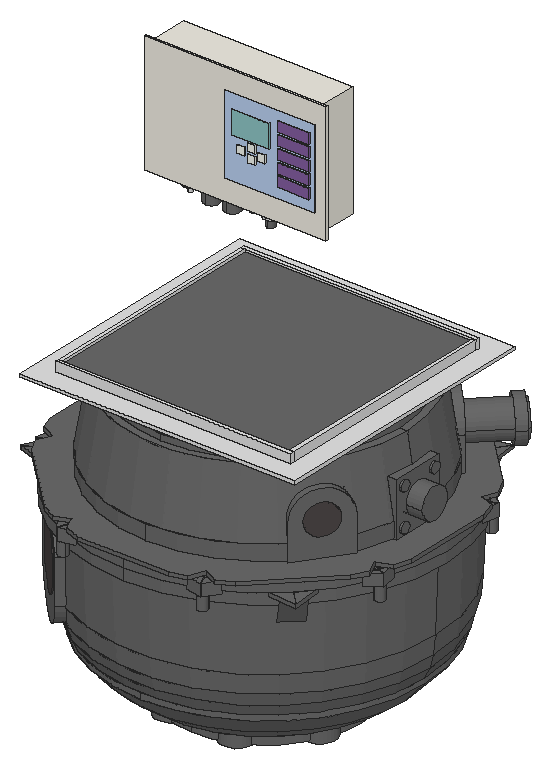
Revit family "281230s (200)", category Generic Models, Revit 2021 (continued)
Definition of nested family "281230s (200)_part2_X0Y0"
  Definition of nested family "281230s (200)_part2_content"
    Forms (mm)
      Extrusion 16, solid, detail levels medium+fine
        sketch origin (-190, -190, 461) x (0, 1, 0) y (0, 0, 1)
          loop
            line (0, 7.5) -> (0, 0) -> (380, 0) -> (380, 7.5) -> (0, 7.5)
        from 0 to 380
      Extrusion 17, solid, detail levels medium+fine
        sketch origin (0, 0, 461) x (0, 1, 0) y (-1, 0, 0)
          loop
            circle (0, 0) r 208.5
        from 0 to 7.5
      Extrusion 18, solid, detail levels medium+fine
        sketch origin (-222, -222, 468.5) x (0, 1, 0) y (0, 0, 1)
          loop
            line (0, 5) -> (0, 0) -> (444, 0) -> (444, 5) -> (0, 5)
        from 0 to 444
      Extrusion 19, solid, detail levels medium+fine
        sketch origin (-184, -184, 473.5) x (0, 1, 0) y (0, 0, 1)
          loop
            line (0, 12) -> (0, 0) -> (368, 0) -> (368, 12) -> (0, 12)
        from 0 to 368
      Extrusion 20, solid, detail levels medium+fine
        sketch origin (0, 60, 320) x (0, -1, 0) y (0, 0, 1)
          loop
            line (0, 50) -> (0, 0) -> (120, 0) -> (120, 50) -> (0, 50)
        from 0 to 245.5
      Extrusion 21, solid, detail levels medium+fine
        sketch origin (0, 0, 370) x (0, -1, 0) y (0, 0, 1)
          loop
            circle (0, 0) r 60
        from 0 to 245.5
      Extrusion 22, solid, detail levels medium+fine
        sketch origin (-244, 0, 370) x (0, -1, 0) y (0, 0, 1)
          loop
            circle (0, 0) r 35.1
        from 0 to 1.75
      Extrusion 23, solid, detail levels medium+fine
        sketch origin (31.82, -31.82, 320) x (-0.707107, 0.707107, 0) y (0, 0, 1)
          loop
            line (0, 55.25) -> (0, 0) -> (90, 0) -> (90, 55.25) -> (0, 55.25)
        from 0 to 245.5
      Extrusion 24, solid, detail levels medium+fine
        sketch origin (0, 0, 375.25) x (-0.707107, 0.707107, 0) y (0, 0, 1)
          loop
            circle (0, 0) r 45
        from 0 to 245.5
      Extrusion 25, solid, detail levels medium+fine
        sketch origin (0, 0, 370) x (-0.707107, 0.707107, 0) y (0, 0, 1)
          loop
            circle (0, 0) r 27.7
        from 0 to 311.36
      Extrusion 26, solid, detail levels medium+fine
        sketch origin (0, 27.5, 332.75) x (0, 1, 0) y (0, 0, 1)
          loop
            circle (0, 0) r 8
        from 0 to 250
      Extrusion 27, solid, detail levels medium+fine
        sketch origin (0, -46.25, 320) x (0, 1, 0) y (0, 0, 1)
          loop
            line (0, 86.5) -> (0, 0) -> (86.5, 0) -> (86.5, 86.5) -> (0, 86.5)
        from 0 to 245.5
      Extrusion 28, solid, detail levels medium+fine
        sketch origin (0, -3, 363.25) x (0, 1, 0) y (0, 0, 1)
          loop
            circle (0, 0) r 24.75
        from 0 to 272.5
      Extrusion 29, solid, detail levels medium+fine
        sketch origin (0, 27.5, 393.75) x (0, 1, 0) y (0, 0, 1)
          loop
            circle (0, 0) r 8
        from 0 to 250
      Extrusion 30, solid, detail levels medium+fine
        sketch origin (0, -33.5, 332.75) x (0, 1, 0) y (0, 0, 1)
          loop
            circle (0, 0) r 8
        from 0 to 250
      Extrusion 31, solid, detail levels medium+fine
        sketch origin (0, -33.5, 393.75) x (0, 1, 0) y (0, 0, 1)
          loop
            circle (0, 0) r 8
        from 0 to 250
      Extrusion 32, solid, detail levels medium+fine
        sketch origin (-25.811, -36.862, 320) x (0.573577, 0.819152, 0) y (0, 0, 1)
          loop
            line (0, 55.25) -> (0, 0) -> (90, 0) -> (90, 55.25)
            arc (90, 55.25) -> (45, 100.25) -> (0, 55.25) r 45
        from 0 to 245.5
      Extrusion 33, solid, detail levels medium+fine
        sketch origin (199.873, -139.953, 375.25) x (0.573577, 0.819152, 0) y (0, 0, 1)
          loop
            circle (0, 0) r 25
        from 0 to 1.75
      Extrusion 34, solid, detail levels medium+fine
        sketch origin (-53.002, 127.957, 0) x (-0.92388, -0.382683, 0) y (0.382683, -0.92388, 0)
          loop
            circle (0, 0) r 25
        from 0 to 28.5
      Extrusion 35, solid, detail levels medium+fine
        sketch origin (-127.957, -53.002, 0) x (0.382683, -0.92388, 0) y (0.92388, 0.382683, 0)
          loop
            circle (0, 0) r 25
        from 0 to 28.5
      Extrusion 36, solid, detail levels medium+fine
        sketch origin (53.002, -127.957, 0) x (0.92388, 0.382683, 0) y (-0.382683, 0.92388, 0)
          loop
            circle (0, 0) r 25
        from 0 to 28.5
      Extrusion 37, solid, detail levels medium+fine
        sketch origin (53.002, 127.957, 0) x (-0.923879, 0.382684, 0) y (-0.382684, -0.923879, 0)
          loop
            circle (0, 0) r 25
        from 0 to 28.5
      Extrusion 38, solid, detail levels medium+fine
        sketch origin (-127.957, 53.002, 0) x (-0.382684, -0.923879, 0) y (0.923879, -0.382684, 0)
          loop
            circle (0, 0) r 25
        from 0 to 28.5
      Extrusion 39, solid, detail levels medium+fine
        sketch origin (-53.002, -127.957, 0) x (0.923879, -0.382684, 0) y (0.382684, 0.923879, 0)
          loop
            circle (0, 0) r 25
        from 0 to 28.5
      Extrusion 40, solid, detail levels medium+fine
        sketch origin (127.957, -53.002, 0) x (0.382684, 0.923879, 0) y (-0.923879, 0.382684, 0)
          loop
            circle (0, 0) r 25
        from 0 to 28.5
      Extrusion 41, solid, detail levels medium+fine
        sketch origin (127.957, 53.002, 0) x (-0.382683, 0.92388, 0) y (-0.92388, -0.382683, 0)
          loop
            circle (0, 0) r 25
        from 0 to 28.5
      Extrusion 42, solid, detail levels medium+fine
        sketch origin (0, 0, 209) x (0, -1, 0) y (0, 0, 1)
          loop
            line (-72.693, 35.337) -> (-68.918, -37.767)
            arc (-68.918, -37.767) -> (-63.198, -56.139) -> (-50.593, -70.678) r 46.983
            line (-50.593, -70.678) -> (-49.193, -71.697)
            arc (-49.193, -71.697) -> (-25.794, -83.147) -> (0, -86.788) r 83.079
            arc (0, -86.788) -> (25.794, -83.147) -> (49.193, -71.697) r 83.079
            line (49.193, -71.697) -> (50.593, -70.678)
            arc (50.593, -70.678) -> (63.198, -56.139) -> (68.918, -37.767) r 46.983
            line (68.918, -37.767) -> (72.693, 35.337)
            arc (72.693, 35.337) -> (71.616, 38.805) -> (69.783, 41.939) r 15.989
            arc (69.783, 41.939) -> (60.032, 51.336) -> (48.652, 58.679) r 69.984
            line (48.652, 58.679) -> (47.252, 59.417)
            arc (47.252, 59.417) -> (24.369, 68.322) -> (0, 71.344) r 99.373
            arc (0, 71.344) -> (-24.369, 68.322) -> (-47.252, 59.417) r 99.373
            line (-47.252, 59.417) -> (-48.652, 58.679)
            arc (-48.652, 58.679) -> (-60.032, 51.336) -> (-69.783, 41.939) r 69.984
            arc (-69.783, 41.939) -> (-71.616, 38.805) -> (-72.693, 35.337) r 15.989
        from 0 to 277.5
      Extrusion 43, solid, detail levels medium+fine
        sketch origin (0, 0, 209) x (0, -1, 0) y (0, 0, 1)
          loop
            circle (0, 0) r 55
        from 0 to 326
      Extrusion 44, solid, detail levels medium+fine
        sketch origin (0, 0, 209) x (0.707107, -0.707107, 0) y (0, 0, 1)
          loop
            line (-72.693, 35.337) -> (-68.918, -37.767)
            arc (-68.918, -37.767) -> (-63.198, -56.139) -> (-50.593, -70.678) r 46.983
            line (-50.593, -70.678) -> (-49.193, -71.697)
            arc (-49.193, -71.697) -> (-25.794, -83.147) -> (0, -86.788) r 83.079
            arc (0, -86.788) -> (25.794, -83.147) -> (49.193, -71.697) r 83.079
            line (49.193, -71.697) -> (50.593, -70.678)
            arc (50.593, -70.678) -> (63.198, -56.139) -> (68.918, -37.767) r 46.983
            line (68.918, -37.767) -> (72.693, 35.337)
            arc (72.693, 35.337) -> (71.616, 38.805) -> (69.783, 41.939) r 15.989
            arc (69.783, 41.939) -> (60.032, 51.336) -> (48.652, 58.679) r 69.984
            line (48.652, 58.679) -> (47.252, 59.417)
            arc (47.252, 59.417) -> (24.369, 68.322) -> (0, 71.344) r 99.373
            arc (0, 71.344) -> (-24.369, 68.322) -> (-47.252, 59.417) r 99.373
            line (-47.252, 59.417) -> (-48.652, 58.679)
            arc (-48.652, 58.679) -> (-60.032, 51.336) -> (-69.783, 41.939) r 69.984
            arc (-69.783, 41.939) -> (-71.616, 38.805) -> (-72.693, 35.337) r 15.989
        from 0 to 277.5
      Extrusion 45, solid, detail levels medium+fine
        sketch origin (0, 0, 209) x (-0.707107, -0.707107, 0) y (0, 0, 1)
          loop
            line (-72.693, 35.337) -> (-68.918, -37.767)
            arc (-68.918, -37.767) -> (-63.198, -56.139) -> (-50.593, -70.678) r 46.983
            line (-50.593, -70.678) -> (-49.193, -71.697)
            arc (-49.193, -71.697) -> (-25.794, -83.147) -> (0, -86.788) r 83.079
            arc (0, -86.788) -> (25.794, -83.147) -> (49.193, -71.697) r 83.079
            line (49.193, -71.697) -> (50.593, -70.678)
            arc (50.593, -70.678) -> (63.198, -56.139) -> (68.918, -37.767) r 46.983
            line (68.918, -37.767) -> (72.693, 35.337)
            arc (72.693, 35.337) -> (71.616, 38.805) -> (69.783, 41.939) r 15.989
            arc (69.783, 41.939) -> (60.032, 51.336) -> (48.652, 58.679) r 69.984
            line (48.652, 58.679) -> (47.252, 59.417)
            arc (47.252, 59.417) -> (24.369, 68.322) -> (0, 71.344) r 99.373
            arc (0, 71.344) -> (-24.369, 68.322) -> (-47.252, 59.417) r 99.373
            line (-47.252, 59.417) -> (-48.652, 58.679)
            arc (-48.652, 58.679) -> (-60.032, 51.336) -> (-69.783, 41.939) r 69.984
            arc (-69.783, 41.939) -> (-71.616, 38.805) -> (-72.693, 35.337) r 15.989
        from 0 to 277.5
      Extrusion 46, solid, detail levels medium+fine
        sketch origin (-195.161, -195.161, 209) x (0.707107, -0.707107, 0) y (0, 0, 1)
          loop
            circle (0, 0) r 50.1
        from 0 to 1.75
      Extrusion 47, solid, detail levels medium+fine
        sketch origin (-195.162, 195.162, 209) x (-0.707107, -0.707107, 0) y (0, 0, 1)
          loop
            circle (0, 0) r 50.1
        from 0 to 1.75
      Extrusion 48, solid, detail levels medium+fine
        sketch origin (220.165, 220.165, 370) x (-0.707107, 0.707107, 0) y (0, 0, 1)
          loop
            circle (0, 0) r 34.75
        from 0 to 15.7
      Extrusion 49, solid, detail levels medium+fine
        sketch origin (230.559, 230.559, 370) x (-0.707107, 0.707107, 0) y (0, 0, 1)
          loop
            circle (0, 0) r 27.7
        from 0 to 4.8
      Extrusion 50, solid, detail levels medium+fine
        sketch origin (232.893, 232.893, 370) x (-0.707107, 0.707107, 0) y (0, 0, 1)
          loop
            circle (0, 0) r 20
        from 0 to 1.7
      Extrusion 51, solid, detail levels medium+fine
        sketch origin (240.105, 225.963, 364) x (-0.707107, 0.707107, 0) y (0, 0, 1)
          loop
            circle (0, 0) r 4.2
        from 0 to 1.8
      Extrusion 52, solid, detail levels medium+fine
        sketch origin (240.105, 225.963, 376) x (-0.707107, 0.707107, 0) y (0, 0, 1)
          loop
            circle (0, 0) r 4.2
        from 0 to 1.8
      Extrusion 53, solid, detail levels medium+fine
        sketch origin (225.963, 240.105, 376) x (-0.707107, 0.707107, 0) y (0, 0, 1)
          loop
            circle (0, 0) r 4.2
        from 0 to 1.8
      Extrusion 54, solid, detail levels medium+fine
        sketch origin (225.963, 240.105, 364) x (-0.707107, 0.707107, 0) y (0, 0, 1)
          loop
            circle (0, 0) r 4.2
        from 0 to 1.8
      Extrusion 55, solid, detail levels medium+fine
        sketch origin (-259.107, -87.843, 294.5) x (-0.92388, -0.382683, 0) y (0, 0, -1)
          loop
            line (0, 48.5) -> (0, 0) -> (29.9, 0) -> (0, 48.5)
        from 0 to 36
      Extrusion 56, solid, detail levels medium+fine
        sketch origin (-272.082, -112.7, 273) x (0.382683, -0.92388, 0) y (0.92388, 0.382683, 0)
          loop
            circle (0, 0) r 7.75
        from 0 to 21.5
      Extrusion 57, solid, detail levels medium+fine
        sketch origin (-265.153, -109.83, 300) x (-0.92388, -0.382683, 0) y (-0.382683, 0.92388, 0)
          loop
            line (36.5, 0) -> (0, 0) -> (0, -32) -> (36.5, 0)
        from 0 to 5.5
      Extrusion 58, solid, detail levels medium+fine
        sketch origin (-265.153, -109.83, 314) x (-0.92388, -0.382683, 0) y (-0.382683, 0.92388, 0)
          loop
            line (17, 0) -> (0, 0) -> (0, -25) -> (17, 0)
        from 0 to 14
      Extrusion 59, solid, detail levels medium+fine
        sketch origin (-265.153, -109.83, 294.5) x (-0.382683, 0.92388, 0) y (-0.92388, -0.382683, 0)
          loop
            line (0, 36.5) -> (0, 0) -> (32, 0) -> (0, 36.5)
        from 0 to 5.5
      Extrusion 60, solid, detail levels medium+fine
        sketch origin (-265.153, -109.83, 300) x (-0.382683, 0.92388, 0) y (-0.92388, -0.382683, 0)
          loop
            line (0, 17) -> (0, 0) -> (25, 0) -> (0, 17)
        from 0 to 14
      Extrusion 61, solid, detail levels medium+fine
        sketch origin (-245.331, 121.102, 294.5) x (-0.923879, 0.382684, 0) y (0, 0, -1)
          loop
            line (0, 48.5) -> (0, 0) -> (29.9, 0) -> (0, 48.5)
        from 0 to 36
      Extrusion 62, solid, detail levels medium+fine
        sketch origin (-272.082, 112.7, 273) x (-0.382684, -0.923879, 0) y (0.923879, -0.382684, 0)
          loop
            circle (0, 0) r 7.75
        from 0 to 21.5
      Extrusion 63, solid, detail levels medium+fine
        sketch origin (-265.153, 109.83, 300) x (-0.923879, 0.382684, 0) y (0.382684, 0.923879, 0)
          loop
            line (36.5, 0) -> (0, 0) -> (0, -32) -> (36.5, 0)
        from 0 to 5.5
      Extrusion 64, solid, detail levels medium+fine
        sketch origin (-265.153, 109.83, 314) x (-0.923879, 0.382684, 0) y (0.382684, 0.923879, 0)
          loop
            line (17, 0) -> (0, 0) -> (0, -25) -> (17, 0)
        from 0 to 14
      Extrusion 65, solid, detail levels medium+fine
        sketch origin (-265.153, 109.83, 294.5) x (0.382684, 0.923879, 0) y (-0.923879, 0.382684, 0)
          loop
            line (0, 36.5) -> (0, 0) -> (32, 0) -> (0, 36.5)
        from 0 to 5.5
      Extrusion 66, solid, detail levels medium+fine
        sketch origin (-265.153, 109.83, 300) x (0.382684, 0.923879, 0) y (-0.923879, 0.382684, 0)
          loop
            line (0, 17) -> (0, 0) -> (25, 0) -> (0, 17)
        from 0 to 14
      Extrusion 67, solid, detail levels medium+fine
        sketch origin (-190, 184, 473.5) x (0, 1, 0) y (0, 0, 1)
          loop
            line (0, 15) -> (0, 0) -> (6, 0) -> (6, 15) -> (0, 15)
        from 0 to 380
      Extrusion 68, solid, detail levels medium+fine
        sketch origin (-190, -190, 473.5) x (0, 1, 0) y (0, 0, 1)
          loop
            line (0, 15) -> (0, 0) -> (6, 0) -> (6, 15) -> (0, 15)
        from 0 to 380
      Extrusion 69, solid, detail levels medium+fine
        sketch origin (-190, -184, 473.5) x (0, 1, 0) y (0, 0, 1)
          loop
            line (0, 15) -> (0, 0) -> (368, 0) -> (368, 15) -> (0, 15)
        from 0 to 6
      Extrusion 70, solid, detail levels medium+fine
        sketch origin (184, -184, 473.5) x (0, 1, 0) y (0, 0, 1)
          loop
            line (0, 15) -> (0, 0) -> (368, 0) -> (368, 15) -> (0, 15)
        from 0 to 6
      Extrusion 71, solid, detail levels medium+fine
        sketch origin (180.312, -205.768, 294.5) x (0.707106, -0.707107, 0) y (0, 0, -1)
          loop
            line (0, 48.5) -> (0, 0) -> (29.9, 0) -> (0, 48.5)
        from 0 to 36
      Extrusion 72, solid, detail levels medium+fine
        sketch origin (202.939, -202.939, 300) x (0.707106, -0.707107, 0) y (-0.707107, -0.707106, 0)
          loop
            line (36.5, 0) -> (0, 0) -> (0, -32) -> (36.5, 0)
        from 0 to 5.5
      Extrusion 73, solid, detail levels medium+fine
        sketch origin (202.939, -202.939, 294.5) x (-0.707107, -0.707106, 0) y (0.707106, -0.707107, 0)
          loop
            line (0, 36.5) -> (0, 0) -> (32, 0) -> (0, 36.5)
        from 0 to 5.5
      Extrusion 74, solid, detail levels medium+fine
        sketch origin (171.331, 213.304, 294.5) x (0.573577, 0.819151, 0) y (0, 0, -1)
          loop
            line (0, 48.5) -> (0, 0) -> (29.9, 0) -> (0, 48.5)
        from 0 to 36
      Extrusion 75, solid, detail levels medium+fine
        sketch origin (164.616, 235.097, 294.5) x (0.819151, -0.573577, 0) y (0.573577, 0.819151, 0)
          loop
            line (0, 36.5) -> (0, 0) -> (32, 0) -> (0, 36.5)
        from 0 to 5.5
      Extrusion 76, solid, detail levels medium+fine
        sketch origin (164.616, 235.097, 300) x (0.573577, 0.819151, 0) y (0.819151, -0.573577, 0)
          loop
            line (36.5, 0) -> (0, 0) -> (0, -32) -> (36.5, 0)
        from 0 to 5.5
      Extrusion 77, solid, detail levels medium+fine
        sketch origin (109.83, 265.153, 294.5) x (0.923879, -0.382684, 0) y (0.382684, 0.923879, 0)
          loop
            line (0, 17) -> (0, 0) -> (25, 0) -> (0, 17)
        from 0 to 19.5
      Extrusion 78, solid, detail levels medium+fine
        sketch origin (112.7, 272.082, 273) x (-0.923879, 0.382684, 0) y (-0.382684, -0.923879, 0)
          loop
            circle (0, 0) r 7.75
        from 0 to 21.5
      Extrusion 79, solid, detail levels medium+fine
        sketch origin (109.83, 265.153, 314) x (0.382684, 0.923879, 0) y (0.923879, -0.382684, 0)
          loop
            line (17, 0) -> (0, 0) -> (0, -25) -> (17, 0)
        from 0 to 19.5
      Extrusion 80, solid, detail levels medium+fine
        sketch origin (272.082, 112.7, 273) x (-0.382683, 0.92388, 0) y (-0.92388, -0.382683, 0)
          loop
            circle (0, 0) r 7.75
        from 0 to 21.5
      Extrusion 81, solid, detail levels medium+fine
        sketch origin (265.153, 109.83, 314) x (0.92388, 0.382683, 0) y (0.382683, -0.92388, 0)
          loop
            line (17, 0) -> (0, 0) -> (0, -25) -> (17, 0)
        from 0 to 19.5
      Extrusion 82, solid, detail levels medium+fine
        sketch origin (265.153, 109.83, 294.5) x (0.382683, -0.92388, 0) y (0.92388, 0.382683, 0)
          loop
            line (0, 17) -> (0, 0) -> (25, 0) -> (0, 17)
        from 0 to 19.5
      Extrusion 83, solid, detail levels medium+fine
        sketch origin (-112.7, 272.082, 273) x (-0.92388, -0.382683, 0) y (0.382683, -0.92388, 0)
          loop
            circle (0, 0) r 7.75
        from 0 to 21.5
      Extrusion 84, solid, detail levels medium+fine
        sketch origin (-109.83, 265.153, 314) x (-0.382683, 0.92388, 0) y (0.92388, 0.382683, 0)
          loop
            line (17, 0) -> (0, 0) -> (0, -25) -> (17, 0)
        from 0 to 19.5
      Extrusion 85, solid, detail levels medium+fine
        sketch origin (-109.83, 265.153, 294.5) x (0.92388, 0.382683, 0) y (-0.382683, 0.92388, 0)
          loop
            line (0, 17) -> (0, 0) -> (25, 0) -> (0, 17)
        from 0 to 19.5
      Extrusion 86, solid, detail levels medium+fine
        sketch origin (272.082, -112.7, 273) x (0.382684, 0.923879, 0) y (-0.923879, 0.382684, 0)
          loop
            circle (0, 0) r 7.75
        from 0 to 21.5
      Extrusion 87, solid, detail levels medium+fine
        sketch origin (265.153, -109.83, 294.5) x (-0.382684, -0.923879, 0) y (0.923879, -0.382684, 0)
          loop
            line (0, 17) -> (0, 0) -> (25, 0) -> (0, 17)
        from 0 to 19.5
      Extrusion 88, solid, detail levels medium+fine
        sketch origin (265.153, -109.83, 314) x (0.923879, -0.382684, 0) y (-0.382684, -0.923879, 0)
          loop
            line (17, 0) -> (0, 0) -> (0, -25) -> (17, 0)
        from 0 to 19.5
      Extrusion 89, solid, detail levels medium+fine
        sketch origin (112.7, -272.082, 273) x (0.92388, 0.382683, 0) y (-0.382683, 0.92388, 0)
          loop
            circle (0, 0) r 7.75
        from 0 to 21.5
      Extrusion 90, solid, detail levels medium+fine
        sketch origin (109.83, -265.153, 314) x (0.382683, -0.92388, 0) y (-0.92388, -0.382683, 0)
          loop
            line (17, 0) -> (0, 0) -> (0, -25) -> (17, 0)
        from 0 to 19.5
      Extrusion 91, solid, detail levels medium+fine
        sketch origin (109.83, -265.153, 294.5) x (-0.92388, -0.382683, 0) y (0.382683, -0.92388, 0)
          loop
            line (0, 17) -> (0, 0) -> (25, 0) -> (0, 17)
        from 0 to 19.5
      Extrusion 92, solid, detail levels medium+fine
        sketch origin (-112.7, -272.082, 273) x (0.923879, -0.382684, 0) y (0.382684, 0.923879, 0)
          loop
            circle (0, 0) r 7.75
        from 0 to 21.5
      Extrusion 93, solid, detail levels medium+fine
        sketch origin (-109.83, -265.153, 294.5) x (-0.923879, 0.382684, 0) y (-0.382684, -0.923879, 0)
          loop
            line (0, 17) -> (0, 0) -> (25, 0) -> (0, 17)
        from 0 to 19.5
      Extrusion 94, solid, detail levels medium+fine
        sketch origin (-109.83, -265.153, 314) x (-0.382684, -0.923879, 0) y (-0.923879, 0.382684, 0)
          loop
            line (17, 0) -> (0, 0) -> (0, -25) -> (17, 0)
        from 0 to 19.5
      Extrusion 95, solid, detail levels coarse
        sketch origin (-17.478, 0, 0) x (1, 0, 0) y (0, 1, 0)
          loop
            line (-308.522, -291.044) -> (308.522, -291.044) -> (308.522, 291.044) -> (-308.522, 291.044) -> (-308.522, -291.044)
        from 0 to 488.5
    Dimensions and locks
      aligned and locked: level to plane 2
